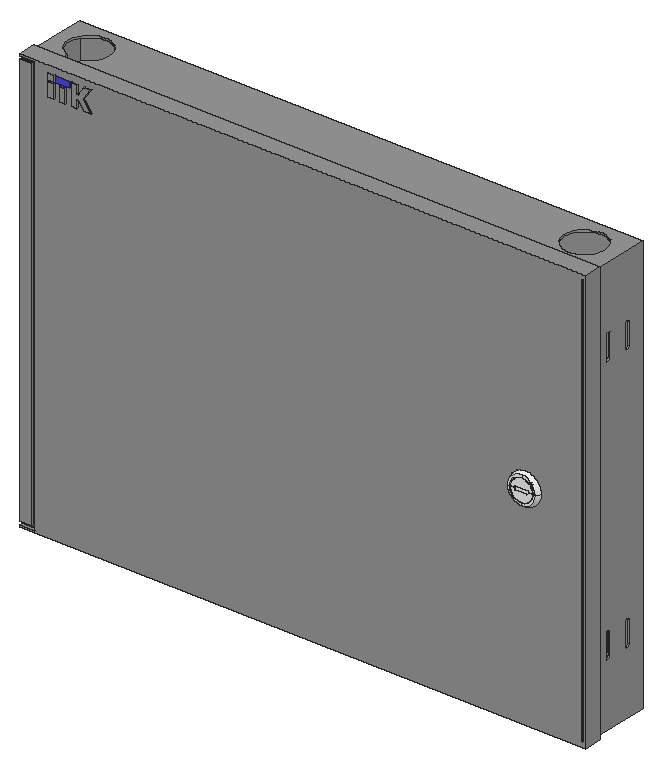
Revit family "ITK_Кросс оптический_Настенный монтаж_IP22", category Обобщенные модели, Revit 2019
Family settings
  Может служить основой для арматурных стержней = Нет
  Размер круглого соединителя = Использовать диаметр
  Тип детали = Нормальный
  На основе рабочей плоскости = Нет
  Всегда вертикально = Да
  При загрузке вырезать с полостями = Нет
  Общий = Нет
  Точка расчета площади = Нет
Parameters (values of type "Кросс настенный укомплектованный_SC _duplex_ 8шт_OS2")
  Ширина = 392 mm
  Степень защиты = "IP22"  # constant formula
  Панель для адаптеров = no
  Изготовитель = "ITK"  # constant formula
  Дата изменения = ""
  Тип монтажа = "Настенный монтаж"  # constant formula
  Глубина = 52 mm
  Высота = 294 mm
  URL = "https://www.iek.ru/"
  KSI_CPr_Строительные изделия = "26.30.40.61.1.04.09-1081 26.30.40.61.1.04.09-1082 26.30.40.61.1.04.09-1083"
  KSI_CMa_Строительные материалы = "10.03.02.06"  # constant formula
  IEK_Цена за единицу = 5915.65
  IEK_Поиск в таблице имен = ""
  IEK_Описание = "Высокое качество материалов. Увеличенный срок эксплуатации. Надежная защита волокон от внешних механических воздействий и попадания внутрь посторонних предметов. Соответствие международным стандартам и ГОСТ Р. Удобство монтажа и эксплуатации."
  IEK_URL = "https://www.itk-group.ru/produktsiya/catalog/oborudovanie_telekommunikatsionnoe/komponenty_sks_opticheskie/komponenty_sks_opticheskie/opticheskie_nastennye_krossy_ukomplektovannye/itk_opticheskiy_nastennyy_raspredelitelnyy_kross_ukomplektovannyy_sc_duplex_8sht_os2"
  ADSK_Примечание = ""
  ADSK_Позиция [instance] = ""
  ADSK_Наименование = "ITK Оптический настенный распределительный кросс укомплектованный: SC (duplex) 8шт;  (OS2)"
  ADSK_Материал обозначение = ""
  ADSK_Материал наименование = "Cталь"  # constant formula
  ADSK_Масса = 2.5
  ADSK_Марка = ""
  ADSK_Код изделия = "FOBX16-N-8SCUD09"
  ADSK_Завод-изготовитель = "IEK"  # constant formula
  ADSK_Единица измерения = "шт"  # constant formula
  ADSK_Группирование = "I. ЩИТЫ И ПУЛЬТЫ"  # constant formula
  ADSK_Версия семейства = "1.0"  # constant formula
  ADSK_Версия Revit = "2019"  # constant formula
  ADSK_URL страницы изделия = "https://www.itk-group.ru/produktsiya/catalog/oborudovanie_telekommunikatsionnoe/komponenty_sks_opticheskie/komponenty_sks_opticheskie/opticheskie_nastennye_krossy_ukomplektovannye/?set_filter=y&pagec=100"
  Корпус 52 = yes
  Корпус 94 = no
  8 адаптеров = no
  4 адаптера = no
  Корпус 45 = no
Reference planes
  plane 1 "По центру (Вперед/Назад)": y = 0
  plane 2: z = 0
  plane 3 "По центру (Влево/Вправо)": x = 0
  plane 4: z = 146.7
  plane 5: x = 153.85
  plane 6: z = 294
  plane 7: x = -196
  plane 8: x = 196
  plane 9: y = 52
Forms (mm)
  Extrusion 1, solid, material "Окраска - RAL 7035", visible <- "Корпус 94", detail levels fine
    sketch origin (0, 0, 0) x (0, 1, 0) y (0, 0, 1)
      loop
        line (1.2, 291.7) -> (1.2, 290) -> (0, 290) -> (0, 3.4) -> (1.2, 3.4) -> (1.2, 1.7) -> (93.2, 1.7) -> (93.2, 291.7) -> (1.2, 291.7)
    from -195.85 to 194.15
  Extrusion 2, void
    sketch origin (0, 0, 0) x (1, 0, 0) y (0, 1, 0)
      loop
        line (-192.556, 92) -> (-192.556, 12) -> (-183.756, 12) -> (-183.756, 0) -> (192.95, 0) -> (192.95, 92) -> (47.95, 92) -> (-192.556, 92)
    from 2.9 to 290.5
  Extrusion 3, void
    sketch origin (0, 0, 0) x (1, 0, 0) y (0, 0, 1)
      loop
        line (167.025, 263.825) -> (167.025, 251.948)
        arc (167.025, 251.948) -> (165.109, 250.197) -> (164.4, 247.7) r 4.75
        arc (164.4, 247.7) -> (169.15, 242.95) -> (173.9, 247.7) r 4.75
        arc (173.9, 247.7) -> (173.191, 250.197) -> (171.275, 251.948) r 4.75
        line (171.275, 251.948) -> (171.275, 263.825)
        arc (171.275, 263.825) -> (169.15, 265.95) -> (167.025, 263.825) r 2.125
      loop
        line (-168.725, 251.948) -> (-168.725, 263.825)
        arc (-168.725, 263.825) -> (-170.85, 265.95) -> (-172.975, 263.825) r 2.125
        line (-172.975, 263.825) -> (-172.975, 251.948)
        arc (-172.975, 251.948) -> (-174.891, 250.197) -> (-175.6, 247.7) r 4.75
        arc (-175.6, 247.7) -> (-170.85, 242.95) -> (-166.1, 247.7) r 4.75
        arc (-166.1, 247.7) -> (-166.809, 250.197) -> (-168.725, 251.948) r 4.75
      loop
        line (-172.975, 41.452) -> (-172.975, 29.575)
        arc (-172.975, 29.575) -> (-170.85, 27.45) -> (-168.725, 29.575) r 2.125
        line (-168.725, 29.575) -> (-168.725, 41.452)
        arc (-168.725, 41.452) -> (-166.809, 43.203) -> (-166.1, 45.7) r 4.75
        arc (-166.1, 45.7) -> (-170.85, 50.45) -> (-175.6, 45.7) r 4.75
        arc (-175.6, 45.7) -> (-174.891, 43.203) -> (-172.975, 41.452) r 4.75
      loop
        line (171.275, 29.575) -> (171.275, 41.452)
        arc (171.275, 41.452) -> (173.191, 43.203) -> (173.9, 45.7) r 4.75
        arc (173.9, 45.7) -> (169.15, 50.45) -> (164.4, 45.7) r 4.75
        arc (164.4, 45.7) -> (165.109, 43.203) -> (167.025, 41.452) r 4.75
        line (167.025, 41.452) -> (167.025, 29.575)
        arc (167.025, 29.575) -> (169.15, 27.45) -> (171.275, 29.575) r 2.125
    from -93.2 to -92
  Extrusion 4, void
    sketch origin (0, 0, 0) x (1, 0, 0) y (0, 0, 1)
      loop
        line (191.559, 291.364) -> (191.559, 2.664) -> (194.78, 2.664) -> (194.78, 291.364) -> (191.559, 291.364)
    from 0 to -2.824
  Extrusion 5, solid, material "Окраска - RAL 7035", visible <- "Корпус 94", detail levels fine
    sketch origin (0, 0, 0) x (1, 0, 0) y (0, 0, 1)
      loop
        line (195.85, 293.4) -> (-195.85, 293.4) -> (-195.85, 292.2) -> (-182.502, 292.2) -> (-182.502, 1.2) -> (-195.85, 1.2) -> (-195.85, 0) -> (195.85, 0) -> (195.85, 293.4)
    from 0 to -12
  Extrusion 6, void
    sketch origin (0, 0, 0) x (0, 1, 0) y (0, 0, 1)
      loop
        line (78.2, 252.7) -> (78.2, 242.2)
        arc (78.2, 242.2) -> (78.786, 240.786) -> (80.2, 240.2) r 2
        arc (80.2, 240.2) -> (81.614, 240.786) -> (82.2, 242.2) r 2
        line (82.2, 242.2) -> (82.2, 252.7)
        arc (82.2, 252.7) -> (80.2, 254.7) -> (78.2, 252.7) r 2
      loop
        line (56.7, 252.7) -> (56.7, 242.2)
        arc (56.7, 242.2) -> (57.286, 240.786) -> (58.7, 240.2) r 2
        arc (58.7, 240.2) -> (60.114, 240.786) -> (60.7, 242.2) r 2
        line (60.7, 242.2) -> (60.7, 252.7)
        arc (60.7, 252.7) -> (58.7, 254.7) -> (56.7, 252.7) r 2
      loop
        line (34.7, 252.7) -> (34.7, 242.2)
        arc (34.7, 242.2) -> (35.286, 240.786) -> (36.7, 240.2) r 2
        arc (36.7, 240.2) -> (38.114, 240.786) -> (38.7, 242.2) r 2
        line (38.7, 242.2) -> (38.7, 252.7)
        arc (38.7, 252.7) -> (36.7, 254.7) -> (34.7, 252.7) r 2
      loop
        line (13.2, 252.7) -> (13.2, 242.2)
        arc (13.2, 242.2) -> (13.786, 240.786) -> (15.2, 240.2) r 2
        arc (15.2, 240.2) -> (16.614, 240.786) -> (17.2, 242.2) r 2
        line (17.2, 242.2) -> (17.2, 252.7)
        arc (17.2, 252.7) -> (15.2, 254.7) -> (13.2, 252.7) r 2
      loop
        line (13.2, 212.2) -> (13.2, 201.7)
        arc (13.2, 201.7) -> (13.786, 200.286) -> (15.2, 199.7) r 2
        arc (15.2, 199.7) -> (16.614, 200.286) -> (17.2, 201.7) r 2
        line (17.2, 201.7) -> (17.2, 212.2)
        arc (17.2, 212.2) -> (15.2, 214.2) -> (13.2, 212.2) r 2
      loop
        line (34.7, 212.2) -> (34.7, 201.7)
        arc (34.7, 201.7) -> (35.286, 200.286) -> (36.7, 199.7) r 2
        arc (36.7, 199.7) -> (38.114, 200.286) -> (38.7, 201.7) r 2
        line (38.7, 201.7) -> (38.7, 212.2)
        arc (38.7, 212.2) -> (36.7, 214.2) -> (34.7, 212.2) r 2
      loop
        line (56.7, 212.2) -> (56.7, 201.7)
        arc (56.7, 201.7) -> (57.286, 200.286) -> (58.7, 199.7) r 2
        arc (58.7, 199.7) -> (60.114, 200.286) -> (60.7, 201.7) r 2
        line (60.7, 201.7) -> (60.7, 212.2)
        arc (60.7, 212.2) -> (58.7, 214.2) -> (56.7, 212.2) r 2
      loop
        line (78.2, 212.2) -> (78.2, 201.7)
        arc (78.2, 201.7) -> (78.786, 200.286) -> (80.2, 199.7) r 2
        arc (80.2, 199.7) -> (81.614, 200.286) -> (82.2, 201.7) r 2
        line (82.2, 201.7) -> (82.2, 212.2)
        arc (82.2, 212.2) -> (80.2, 214.2) -> (78.2, 212.2) r 2
      loop
        line (78.2, 91.7) -> (78.2, 81.2)
        arc (78.2, 81.2) -> (78.786, 79.786) -> (80.2, 79.2) r 2
        arc (80.2, 79.2) -> (81.614, 79.786) -> (82.2, 81.2) r 2
        line (82.2, 81.2) -> (82.2, 91.7)
        arc (82.2, 91.7) -> (80.2, 93.7) -> (78.2, 91.7) r 2
      loop
        line (56.7, 91.7) -> (56.7, 81.2)
        arc (56.7, 81.2) -> (57.286, 79.786) -> (58.7, 79.2) r 2
        arc (58.7, 79.2) -> (60.114, 79.786) -> (60.7, 81.2) r 2
        line (60.7, 81.2) -> (60.7, 91.7)
        arc (60.7, 91.7) -> (58.7, 93.7) -> (56.7, 91.7) r 2
      loop
        line (34.7, 91.7) -> (34.7, 81.2)
        arc (34.7, 81.2) -> (35.286, 79.786) -> (36.7, 79.2) r 2
        arc (36.7, 79.2) -> (38.114, 79.786) -> (38.7, 81.2) r 2
        line (38.7, 81.2) -> (38.7, 91.7)
        arc (38.7, 91.7) -> (36.7, 93.7) -> (34.7, 91.7) r 2
      loop
        line (13.2, 91.7) -> (13.2, 81.2)
        arc (13.2, 81.2) -> (13.786, 79.786) -> (15.2, 79.2) r 2
        arc (15.2, 79.2) -> (16.614, 79.786) -> (17.2, 81.2) r 2
        line (17.2, 81.2) -> (17.2, 91.7)
        arc (17.2, 91.7) -> (15.2, 93.7) -> (13.2, 91.7) r 2
      loop
        line (13.2, 51.2) -> (13.2, 40.7)
        arc (13.2, 40.7) -> (13.786, 39.286) -> (15.2, 38.7) r 2
        arc (15.2, 38.7) -> (16.614, 39.286) -> (17.2, 40.7) r 2
        line (17.2, 40.7) -> (17.2, 51.2)
        arc (17.2, 51.2) -> (15.2, 53.2) -> (13.2, 51.2) r 2
      loop
        line (34.7, 51.2) -> (34.7, 40.7)
        arc (34.7, 40.7) -> (35.286, 39.286) -> (36.7, 38.7) r 2
        arc (36.7, 38.7) -> (38.114, 39.286) -> (38.7, 40.7) r 2
        line (38.7, 40.7) -> (38.7, 51.2)
        arc (38.7, 51.2) -> (36.7, 53.2) -> (34.7, 51.2) r 2
      loop
        line (56.7, 51.2) -> (56.7, 40.7)
        arc (56.7, 40.7) -> (57.286, 39.286) -> (58.7, 38.7) r 2
        arc (58.7, 38.7) -> (60.114, 39.286) -> (60.7, 40.7) r 2
        line (60.7, 40.7) -> (60.7, 51.2)
        arc (60.7, 51.2) -> (58.7, 53.2) -> (56.7, 51.2) r 2
      loop
        line (78.2, 51.2) -> (78.2, 40.7)
        arc (78.2, 40.7) -> (78.786, 39.286) -> (80.2, 38.7) r 2
        arc (80.2, 38.7) -> (81.614, 39.286) -> (82.2, 40.7) r 2
        line (82.2, 40.7) -> (82.2, 51.2)
        arc (82.2, 51.2) -> (80.2, 53.2) -> (78.2, 51.2) r 2
      loop
        circle (78.669, 163.896) r 2.063
      loop
        circle (64.137, 163.896) r 2.063
      loop
        circle (31.1, 163.896) r 2.063
      loop
        circle (16.645, 163.896) r 2.063
      loop
        circle (78.669, 129.504) r 2.063
      loop
        circle (64.137, 129.504) r 2.063
      loop
        circle (31.1, 129.504) r 2.063
      loop
        circle (16.645, 129.504) r 2.063
    from -195.85 to -192.556
  Extrusion 7, void
    sketch origin (0, 0, 0) x (0, 1, 0) y (0, 0, 1)
      loop
        arc (78.4, 231.7) -> (80.4, 229.7) -> (82.4, 231.7) r 2
        line (82.4, 231.7) -> (82.4, 246.7)
        arc (82.4, 246.7) -> (80.4, 248.7) -> (78.4, 246.7) r 2
        line (78.4, 246.7) -> (78.4, 231.7)
      loop
        arc (69.4, 246.7) -> (67.4, 248.7) -> (65.4, 246.7) r 2
        line (65.4, 246.7) -> (65.4, 231.7)
        arc (65.4, 231.7) -> (67.4, 229.7) -> (69.4, 231.7) r 2
        line (69.4, 231.7) -> (69.4, 246.7)
      loop
        arc (46.6, 246.7) -> (44.6, 248.7) -> (42.6, 246.7) r 2
        line (42.6, 246.7) -> (42.6, 231.7)
        arc (42.6, 231.7) -> (44.6, 229.7) -> (46.6, 231.7) r 2
        line (46.6, 231.7) -> (46.6, 246.7)
      loop
        arc (33.6, 246.7) -> (31.6, 248.7) -> (29.6, 246.7) r 2
        line (29.6, 246.7) -> (29.6, 231.7)
        arc (29.6, 231.7) -> (31.6, 229.7) -> (33.6, 231.7) r 2
        line (33.6, 231.7) -> (33.6, 246.7)
      loop
        arc (29.6, 196.7) -> (31.6, 194.7) -> (33.6, 196.7) r 2
        line (33.6, 196.7) -> (33.6, 211.7)
        arc (33.6, 211.7) -> (31.6, 213.7) -> (29.6, 211.7) r 2
        line (29.6, 211.7) -> (29.6, 196.7)
      loop
        arc (46.6, 211.7) -> (44.6, 213.7) -> (42.6, 211.7) r 2
        line (42.6, 211.7) -> (42.6, 196.7)
        arc (42.6, 196.7) -> (44.6, 194.7) -> (46.6, 196.7) r 2
        line (46.6, 196.7) -> (46.6, 211.7)
      loop
        arc (69.4, 211.7) -> (67.4, 213.7) -> (65.4, 211.7) r 2
        line (65.4, 211.7) -> (65.4, 196.7)
        arc (65.4, 196.7) -> (67.4, 194.7) -> (69.4, 196.7) r 2
        line (69.4, 196.7) -> (69.4, 211.7)
      loop
        arc (78.4, 196.7) -> (80.4, 194.7) -> (82.4, 196.7) r 2
        line (82.4, 196.7) -> (82.4, 211.7)
        arc (82.4, 211.7) -> (80.4, 213.7) -> (78.4, 211.7) r 2
        line (78.4, 211.7) -> (78.4, 196.7)
      loop
        line (78.4, 61.7) -> (78.4, 46.7)
        arc (78.4, 46.7) -> (80.4, 44.7) -> (82.4, 46.7) r 2
        line (82.4, 46.7) -> (82.4, 61.7)
        arc (82.4, 61.7) -> (80.4, 63.7) -> (78.4, 61.7) r 2
      loop
        line (69.4, 46.7) -> (69.4, 61.7)
        arc (69.4, 61.7) -> (67.4, 63.7) -> (65.4, 61.7) r 2
        line (65.4, 61.7) -> (65.4, 46.7)
        arc (65.4, 46.7) -> (67.4, 44.7) -> (69.4, 46.7) r 2
      loop
        line (46.6, 46.7) -> (46.6, 61.7)
        arc (46.6, 61.7) -> (44.6, 63.7) -> (42.6, 61.7) r 2
        line (42.6, 61.7) -> (42.6, 46.7)
        arc (42.6, 46.7) -> (44.6, 44.7) -> (46.6, 46.7) r 2
      loop
        line (33.6, 46.7) -> (33.6, 61.7)
        arc (33.6, 61.7) -> (31.6, 63.7) -> (29.6, 61.7) r 2
        line (29.6, 61.7) -> (29.6, 46.7)
        arc (29.6, 46.7) -> (31.6, 44.7) -> (33.6, 46.7) r 2
      loop
        line (29.6, 96.7) -> (29.6, 81.7)
        arc (29.6, 81.7) -> (31.6, 79.7) -> (33.6, 81.7) r 2
        line (33.6, 81.7) -> (33.6, 96.7)
        arc (33.6, 96.7) -> (31.6, 98.7) -> (29.6, 96.7) r 2
      loop
        line (46.6, 81.7) -> (46.6, 96.7)
        arc (46.6, 96.7) -> (44.6, 98.7) -> (42.6, 96.7) r 2
        line (42.6, 96.7) -> (42.6, 81.7)
        arc (42.6, 81.7) -> (44.6, 79.7) -> (46.6, 81.7) r 2
      loop
        line (69.4, 81.7) -> (69.4, 96.7)
        arc (69.4, 96.7) -> (67.4, 98.7) -> (65.4, 96.7) r 2
        line (65.4, 96.7) -> (65.4, 81.7)
        arc (65.4, 81.7) -> (67.4, 79.7) -> (69.4, 81.7) r 2
      loop
        line (78.4, 96.7) -> (78.4, 81.7)
        arc (78.4, 81.7) -> (80.4, 79.7) -> (82.4, 81.7) r 2
        line (82.4, 81.7) -> (82.4, 96.7)
        arc (82.4, 96.7) -> (80.4, 98.7) -> (78.4, 96.7) r 2
    from 192.95 to 194.15
  Extrusion 8, void
    sketch origin (0, 0, 0) x (1, 0, 0) y (0, 1, 0)
      loop
        line (-177.1, 19.53) -> (-177.1, 12) -> (-167.6, 12) -> (-167.6, 19.53)
        arc (-167.6, 19.53) -> (-172.35, 46.725) -> (-177.1, 19.53) r 14.012
      loop
        circle (-172.35, 72.713) r 14.012
      loop
        circle (170.509, 32.713) r 14.012
      loop
        circle (170.509, 72.713) r 14.012
    from 0 to 293.4
  Revolve 9, solid, material "Металл замка", visible <- "Корпус 94", detail levels fine
    sketch origin (0, 0, 146.7) x (1, 0, 0) y (0, 1, 0)
      loop
        line (144.249, -3) -> (153.85, -3) -> (153.85, 0) -> (142.85, 0) -> (144.249, -3)
      axis (153.85, -3) -> (153.85, 0)
    angle from 0 to 360
  Extrusion 10, void
    sketch origin (0, 0, 0) x (1, 0, 0) y (0, 0, 1)
      loop
        line (149.1, 147.95) -> (149.1, 145.45) -> (158.6, 145.45) -> (158.6, 147.95) -> (149.1, 147.95)
      loop
        circle (153.85, 146.7) r 7.61
      loop
        circle (153.85, 146.7) r 8.122
    from 2.8 to 3.773
  Extrusion 11, solid, material "Условный материал-отделка", detail levels coarse+medium
    sketch origin (0, 0, 0) x (1, 0, 0) y (0, 1, 0)
      loop
        line (-196, 52) -> (-196, 0) -> (196, 0) -> (196, 52) -> (-196, 52)
    from 0 to 294 <- "Высота"
  Extrusion 12, solid, material "Окраска - RAL 9005", visible <- "Корпус 94", detail levels fine
    sketch origin (-164.257, 0, 273.272) x (1, 0, 0) y (0, 0, 1)
      loop
        line (-12.079, 9.404) -> (-12.079, 0) -> (-7.968, 0) -> (-7.968, 9.404) -> (-12.079, 9.404)
      loop
        line (0.039, 9.404) -> (-3.833, 9.404) -> (-3.833, 0) -> (0.039, 0) -> (0.039, 9.404)
      loop
        line (-12.079, 10.715) -> (-7.968, 10.715) -> (-7.968, 14.705) -> (-12.079, 14.705) -> (-12.079, 10.715)
      loop
        line (4.261, 14.705) -> (4.261, 0) -> (8.136, 0) -> (8.136, 5.514) -> (9.618, 5.514) -> (13.199, 0) -> (17.921, 0) -> (12.571, 7.364) -> (17.921, 14.705) -> (13.199, 14.705) -> (9.618, 9.191) -> (8.136, 9.191) -> (8.136, 14.705) -> (4.261, 14.705)
    from 0 to 0.554
  Extrusion 13, solid, material "Зеленый", visible <- "Корпус 94", detail levels fine
    sketch origin (-164.257, 0, 273.272) x (1, 0, 0) y (0, 0, 1)
      loop
        line (-6.771, 14.705) -> (-6.771, 10.715) -> (2.977, 10.715) -> (2.977, 14.705) -> (-6.771, 14.705)
    from 0 to 0.554
  Extrusion 14, solid, material "Окраска - RAL 7035", visible <- "Панель для адаптеров", detail levels fine
    sketch origin (-379.092, -20.767, 187.983) x (1, 0, 0) y (0, 1, 0)
      loop
        line (439.588, 60.004) -> (318.588, 60.004) -> (316.588, 58.004) -> (316.588, 30.004) -> (318.588, 28.004) -> (439.588, 28.004) -> (441.588, 30.004) -> (441.588, 58.004) -> (439.588, 60.004)
      loop
        circle (320.838, 44.004) r 3.75
      loop
        circle (437.338, 44.004) r 3.75
      loop
        line (329.388, 50.504) -> (329.388, 37.504) -> (339.188, 37.504) -> (339.188, 50.504) -> (329.388, 50.504)
      loop
        line (342.188, 50.504) -> (342.188, 37.504) -> (351.988, 37.504) -> (351.988, 50.504) -> (342.188, 50.504)
      loop
        line (354.988, 50.504) -> (354.988, 37.504) -> (364.788, 37.504) -> (364.788, 50.504) -> (354.988, 50.504)
      loop
        line (367.788, 50.504) -> (367.788, 37.504) -> (377.588, 37.504) -> (377.588, 50.504) -> (367.788, 50.504)
      loop
        line (380.588, 50.504) -> (380.588, 37.504) -> (390.388, 37.504) -> (390.388, 50.504) -> (380.588, 50.504)
      loop
        line (393.388, 50.504) -> (393.388, 37.504) -> (403.188, 37.504) -> (403.188, 50.504) -> (393.388, 50.504)
      loop
        line (406.188, 50.504) -> (406.188, 37.504) -> (415.988, 37.504) -> (415.988, 50.504) -> (406.188, 50.504)
      loop
        line (428.788, 50.504) -> (418.988, 50.504) -> (418.988, 37.504) -> (428.788, 37.504) -> (428.788, 50.504)
    from -3 to -1.5
  Extrusion 15, solid, material "Пластик бежевый", visible <- "4 адаптера", detail levels fine
    sketch origin (-49.804, -3.875, 172.998) x (0, 0, -1) y (0, 1, 0)
      loop
        line (-13.485, 38.895) -> (-15.485, 38.895) -> (-15.485, 34.395) -> (-23.485, 34.395) -> (-23.485, 21.395) -> (-15.485, 21.395) -> (-15.485, 16.895) -> (-13.485, 16.895) -> (-13.485, 38.895)
    from 0 to 10
  Extrusion 16, void
    sketch origin (132.849, 1.914, 187.983) x (1, 0, 0) y (0, 1, 0)
      loop
        line (-182.304, 28.172) -> (-182.304, 15.99) -> (-173.023, 15.99) -> (-173.023, 28.172) -> (-182.304, 28.172)
    from 1.092 to 8.5
  Revolve 17, solid, material "Пластик белый", visible <- "4 адаптера", detail levels fine
    sketch origin (-44.97, 1.914, 187.983) x (0, 0, -1) y (0, 1, 0)
      loop
        line (-10.817, 27.194) -> (-9.789, 27.194) -> (-9.789, 26.304) -> (2.983, 26.304) -> (2.983, 27.194) -> (-9.192, 27.194) -> (-9.192, 28.194) -> (-10.817, 28.194) -> (-10.817, 27.194)
      axis (2.983, 25.321) -> (-10.817, 25.321)
    angle from 0 to 360
  Revolve 18, solid, material "Пластик белый", visible <- "4 адаптера", detail levels fine
    sketch origin (-44.97, 46.126, 187.983) x (0, 0, -1) y (0, 1, 0)
      loop
        line (-10.817, -27.194) -> (-10.817, -28.194) -> (-9.192, -28.194) -> (-9.192, -27.194) -> (2.983, -27.194) -> (2.983, -26.304) -> (-9.789, -26.304) -> (-9.789, -27.194) -> (-10.817, -27.194)
      axis (2.983, -25.321) -> (-10.817, -25.321)
    angle from 0 to 360
  Extrusion 19, solid, material "Пластик бежевый", visible <- "4 адаптера", detail levels fine
    sketch origin (-37.004, -3.875, 172.998) x (0, 0, -1) y (0, 1, 0)
      loop
        line (-13.485, 38.895) -> (-15.485, 38.895) -> (-15.485, 34.395) -> (-23.485, 34.395) -> (-23.485, 21.395) -> (-15.485, 21.395) -> (-15.485, 16.895) -> (-13.485, 16.895) -> (-13.485, 38.895)
    from 0 to 10
  Extrusion 20, void
    sketch origin (145.649, 1.914, 187.983) x (1, 0, 0) y (0, 1, 0)
      loop
        line (-182.304, 28.172) -> (-182.304, 15.99) -> (-173.023, 15.99) -> (-173.023, 28.172) -> (-182.304, 28.172)
    from 1.092 to 8.5
  Revolve 21, solid, material "Пластик белый", visible <- "4 адаптера", detail levels fine
    sketch origin (-32.17, 1.914, 187.983) x (0, 0, -1) y (0, 1, 0)
      loop
        line (-10.817, 27.194) -> (-9.789, 27.194) -> (-9.789, 26.304) -> (2.983, 26.304) -> (2.983, 27.194) -> (-9.192, 27.194) -> (-9.192, 28.194) -> (-10.817, 28.194) -> (-10.817, 27.194)
      axis (2.983, 25.321) -> (-10.817, 25.321)
    angle from 0 to 360
  Revolve 22, solid, material "Пластик белый", visible <- "4 адаптера", detail levels fine
    sketch origin (-32.17, 46.126, 187.983) x (0, 0, -1) y (0, 1, 0)
      loop
        line (-10.817, -27.194) -> (-10.817, -28.194) -> (-9.192, -28.194) -> (-9.192, -27.194) -> (2.983, -27.194) -> (2.983, -26.304) -> (-9.789, -26.304) -> (-9.789, -27.194) -> (-10.817, -27.194)
      axis (2.983, -25.321) -> (-10.817, -25.321)
    angle from 0 to 360
  Extrusion 23, solid, material "Пластик бежевый", visible <- "4 адаптера", detail levels fine
    sketch origin (-24.204, -3.875, 172.998) x (0, 0, -1) y (0, 1, 0)
      loop
        line (-13.485, 38.895) -> (-15.485, 38.895) -> (-15.485, 34.395) -> (-23.485, 34.395) -> (-23.485, 21.395) -> (-15.485, 21.395) -> (-15.485, 16.895) -> (-13.485, 16.895) -> (-13.485, 38.895)
    from 0 to 10
  Extrusion 24, void
    sketch origin (158.449, 1.914, 187.983) x (1, 0, 0) y (0, 1, 0)
      loop
        line (-182.304, 28.172) -> (-182.304, 15.99) -> (-173.023, 15.99) -> (-173.023, 28.172) -> (-182.304, 28.172)
    from 1.092 to 8.5
  Revolve 25, solid, material "Пластик белый", visible <- "4 адаптера", detail levels fine
    sketch origin (-19.37, 1.914, 187.983) x (0, 0, -1) y (0, 1, 0)
      loop
        line (-10.817, 27.194) -> (-9.789, 27.194) -> (-9.789, 26.304) -> (2.983, 26.304) -> (2.983, 27.194) -> (-9.192, 27.194) -> (-9.192, 28.194) -> (-10.817, 28.194) -> (-10.817, 27.194)
      axis (2.983, 25.321) -> (-10.817, 25.321)
    angle from 0 to 360
  Revolve 26, solid, material "Пластик белый", visible <- "4 адаптера", detail levels fine
    sketch origin (-19.37, 46.126, 187.983) x (0, 0, -1) y (0, 1, 0)
      loop
        line (-10.817, -27.194) -> (-10.817, -28.194) -> (-9.192, -28.194) -> (-9.192, -27.194) -> (2.983, -27.194) -> (2.983, -26.304) -> (-9.789, -26.304) -> (-9.789, -27.194) -> (-10.817, -27.194)
      axis (2.983, -25.321) -> (-10.817, -25.321)
    angle from 0 to 360
  Extrusion 27, solid, material "Пластик бежевый", visible <- "4 адаптера", detail levels fine
    sketch origin (-11.404, -3.875, 172.998) x (0, 0, -1) y (0, 1, 0)
      loop
        line (-13.485, 38.895) -> (-15.485, 38.895) -> (-15.485, 34.395) -> (-23.485, 34.395) -> (-23.485, 21.395) -> (-15.485, 21.395) -> (-15.485, 16.895) -> (-13.485, 16.895) -> (-13.485, 38.895)
    from 0 to 10
  Extrusion 28, void
    sketch origin (171.249, 1.914, 187.983) x (1, 0, 0) y (0, 1, 0)
      loop
        line (-182.304, 28.172) -> (-182.304, 15.99) -> (-173.023, 15.99) -> (-173.023, 28.172) -> (-182.304, 28.172)
    from 1.092 to 8.5
  Revolve 29, solid, material "Пластик белый", visible <- "4 адаптера", detail levels fine
    sketch origin (-6.57, 1.914, 187.983) x (0, 0, -1) y (0, 1, 0)
      loop
        line (-10.817, 27.194) -> (-9.789, 27.194) -> (-9.789, 26.304) -> (2.983, 26.304) -> (2.983, 27.194) -> (-9.192, 27.194) -> (-9.192, 28.194) -> (-10.817, 28.194) -> (-10.817, 27.194)
      axis (2.983, 25.321) -> (-10.817, 25.321)
    angle from 0 to 360
  Revolve 30, solid, material "Пластик белый", visible <- "4 адаптера", detail levels fine
    sketch origin (-6.57, 46.126, 187.983) x (0, 0, -1) y (0, 1, 0)
      loop
        line (-10.817, -27.194) -> (-10.817, -28.194) -> (-9.192, -28.194) -> (-9.192, -27.194) -> (2.983, -27.194) -> (2.983, -26.304) -> (-9.789, -26.304) -> (-9.789, -27.194) -> (-10.817, -27.194)
      axis (2.983, -25.321) -> (-10.817, -25.321)
    angle from 0 to 360
  Extrusion 31, solid, material "Пластик бежевый", visible <- "8 адаптеров", detail levels fine
    sketch origin (1.396, -3.875, 172.998) x (0, 0, -1) y (0, 1, 0)
      loop
        line (-13.485, 38.895) -> (-15.485, 38.895) -> (-15.485, 34.395) -> (-23.485, 34.395) -> (-23.485, 21.395) -> (-15.485, 21.395) -> (-15.485, 16.895) -> (-13.485, 16.895) -> (-13.485, 38.895)
    from 0 to 10
  Extrusion 32, void
    sketch origin (184.049, 1.914, 187.983) x (1, 0, 0) y (0, 1, 0)
      loop
        line (-182.304, 28.172) -> (-182.304, 15.99) -> (-173.023, 15.99) -> (-173.023, 28.172) -> (-182.304, 28.172)
    from 1.092 to 8.5
  Revolve 33, solid, material "Пластик белый", visible <- "8 адаптеров", detail levels fine
    sketch origin (6.23, 1.914, 187.983) x (0, 0, -1) y (0, 1, 0)
      loop
        line (-10.817, 27.194) -> (-9.789, 27.194) -> (-9.789, 26.304) -> (2.983, 26.304) -> (2.983, 27.194) -> (-9.192, 27.194) -> (-9.192, 28.194) -> (-10.817, 28.194) -> (-10.817, 27.194)
      axis (2.983, 25.321) -> (-10.817, 25.321)
    angle from 0 to 360
  Revolve 34, solid, material "Пластик белый", visible <- "8 адаптеров", detail levels fine
    sketch origin (6.23, 46.126, 187.983) x (0, 0, -1) y (0, 1, 0)
      loop
        line (-10.817, -27.194) -> (-10.817, -28.194) -> (-9.192, -28.194) -> (-9.192, -27.194) -> (2.983, -27.194) -> (2.983, -26.304) -> (-9.789, -26.304) -> (-9.789, -27.194) -> (-10.817, -27.194)
      axis (2.983, -25.321) -> (-10.817, -25.321)
    angle from 0 to 360
  Extrusion 35, solid, material "Пластик бежевый", visible <- "8 адаптеров", detail levels fine
    sketch origin (14.196, -3.875, 172.998) x (0, 0, -1) y (0, 1, 0)
      loop
        line (-13.485, 38.895) -> (-15.485, 38.895) -> (-15.485, 34.395) -> (-23.485, 34.395) -> (-23.485, 21.395) -> (-15.485, 21.395) -> (-15.485, 16.895) -> (-13.485, 16.895) -> (-13.485, 38.895)
    from 0 to 10
  Extrusion 36, void
    sketch origin (196.849, 1.914, 187.983) x (1, 0, 0) y (0, 1, 0)
      loop
        line (-182.304, 28.172) -> (-182.304, 15.99) -> (-173.023, 15.99) -> (-173.023, 28.172) -> (-182.304, 28.172)
    from 1.092 to 8.5
  Revolve 37, solid, material "Пластик белый", visible <- "8 адаптеров", detail levels fine
    sketch origin (19.03, 1.914, 187.983) x (0, 0, -1) y (0, 1, 0)
      loop
        line (-10.817, 27.194) -> (-9.789, 27.194) -> (-9.789, 26.304) -> (2.983, 26.304) -> (2.983, 27.194) -> (-9.192, 27.194) -> (-9.192, 28.194) -> (-10.817, 28.194) -> (-10.817, 27.194)
      axis (2.983, 25.321) -> (-10.817, 25.321)
    angle from 0 to 360
  Revolve 38, solid, material "Пластик белый", visible <- "8 адаптеров", detail levels fine
    sketch origin (19.03, 46.126, 187.983) x (0, 0, -1) y (0, 1, 0)
      loop
        line (-10.817, -27.194) -> (-10.817, -28.194) -> (-9.192, -28.194) -> (-9.192, -27.194) -> (2.983, -27.194) -> (2.983, -26.304) -> (-9.789, -26.304) -> (-9.789, -27.194) -> (-10.817, -27.194)
      axis (2.983, -25.321) -> (-10.817, -25.321)
    angle from 0 to 360
  Extrusion 39, solid, material "Пластик бежевый", visible <- "8 адаптеров", detail levels fine
    sketch origin (39.796, -3.875, 172.998) x (0, 0, -1) y (0, 1, 0)
      loop
        line (-13.485, 38.895) -> (-15.485, 38.895) -> (-15.485, 34.395) -> (-23.485, 34.395) -> (-23.485, 21.395) -> (-15.485, 21.395) -> (-15.485, 16.895) -> (-13.485, 16.895) -> (-13.485, 38.895)
    from 0 to 10
  Extrusion 40, void
    sketch origin (222.449, 1.914, 187.983) x (1, 0, 0) y (0, 1, 0)
      loop
        line (-182.304, 28.172) -> (-182.304, 15.99) -> (-173.023, 15.99) -> (-173.023, 28.172) -> (-182.304, 28.172)
    from 1.092 to 8.5
  Revolve 41, solid, material "Пластик белый", visible <- "8 адаптеров", detail levels fine
    sketch origin (44.63, 1.914, 187.983) x (0, 0, -1) y (0, 1, 0)
      loop
        line (-10.817, 27.194) -> (-9.789, 27.194) -> (-9.789, 26.304) -> (2.983, 26.304) -> (2.983, 27.194) -> (-9.192, 27.194) -> (-9.192, 28.194) -> (-10.817, 28.194) -> (-10.817, 27.194)
      axis (2.983, 25.321) -> (-10.817, 25.321)
    angle from 0 to 360
  Revolve 42, solid, material "Пластик белый", visible <- "8 адаптеров", detail levels fine
    sketch origin (44.63, 46.126, 187.983) x (0, 0, -1) y (0, 1, 0)
      loop
        line (-10.817, -27.194) -> (-10.817, -28.194) -> (-9.192, -28.194) -> (-9.192, -27.194) -> (2.983, -27.194) -> (2.983, -26.304) -> (-9.789, -26.304) -> (-9.789, -27.194) -> (-10.817, -27.194)
      axis (2.983, -25.321) -> (-10.817, -25.321)
    angle from 0 to 360
  Extrusion 43, solid, material "Пластик бежевый", visible <- "8 адаптеров", detail levels fine
    sketch origin (27.079, -3.875, 172.998) x (0, 0, -1) y (0, 1, 0)
      loop
        line (-13.485, 38.895) -> (-15.485, 38.895) -> (-15.485, 34.395) -> (-23.485, 34.395) -> (-23.485, 21.395) -> (-15.485, 21.395) -> (-15.485, 16.895) -> (-13.485, 16.895) -> (-13.485, 38.895)
    from 0 to 10
  Extrusion 44, void
    sketch origin (209.732, 1.914, 187.983) x (1, 0, 0) y (0, 1, 0)
      loop
        line (-182.304, 28.172) -> (-182.304, 15.99) -> (-173.023, 15.99) -> (-173.023, 28.172) -> (-182.304, 28.172)
    from 1.092 to 8.5
  Revolve 45, solid, material "Пластик белый", visible <- "8 адаптеров", detail levels fine
    sketch origin (31.914, 1.914, 187.983) x (0, 0, -1) y (0, 1, 0)
      loop
        line (-10.817, 27.194) -> (-9.789, 27.194) -> (-9.789, 26.304) -> (2.983, 26.304) -> (2.983, 27.194) -> (-9.192, 27.194) -> (-9.192, 28.194) -> (-10.817, 28.194) -> (-10.817, 27.194)
      axis (2.983, 25.321) -> (-10.817, 25.321)
    angle from 0 to 360
  Revolve 46, solid, material "Пластик белый", visible <- "8 адаптеров", detail levels fine
    sketch origin (31.914, 46.126, 187.983) x (0, 0, -1) y (0, 1, 0)
      loop
        line (-10.817, -27.194) -> (-10.817, -28.194) -> (-9.192, -28.194) -> (-9.192, -27.194) -> (2.983, -27.194) -> (2.983, -26.304) -> (-9.789, -26.304) -> (-9.789, -27.194) -> (-10.817, -27.194)
      axis (2.983, -25.321) -> (-10.817, -25.321)
    angle from 0 to 360
Cuts and joins
  Extrusion 2, Extrusion 3, Extrusion 4, Extrusion 6, Extrusion 7, Extrusion 8 cuts Extrusion 1
  Extrusion 8, Extrusion 10 cuts Extrusion 5
  Extrusion 10 cuts Revolve 9
  Extrusion 16 cuts Extrusion 11
  Extrusion 16 cuts Extrusion 15
  Extrusion 20 cuts Extrusion 19
  Extrusion 24 cuts Extrusion 23
  Extrusion 28 cuts Extrusion 27
  Extrusion 32 cuts Extrusion 31
  Extrusion 36 cuts Extrusion 35
  Extrusion 40 cuts Extrusion 39
  Extrusion 44 cuts Extrusion 43
Dimensions and locks
  "Высота": plane 6 to level
  equal spacing: plane 7, plane 3 "По центру (Влево/Вправо)", plane 8
  "Ширина": plane 7 to plane 8
  "Глубина": plane 1 "По центру (Вперед/Назад)" to plane 9
  aligned and locked: level to plane 2
  aligned and locked: cut or joined group of Extrusion 1, Extrusion 2, Extrusion 3, Extrusion 4, Extrusion 6, Extrusion 7, Extrusion 8 to Extrusion 6
  aligned and locked: Extrusion 6 to cut or joined group of Extrusion 1, Extrusion 2, Extrusion 3, Extrusion 4, Extrusion 6, Extrusion 7, Extrusion 8
  aligned and locked: Extrusion 7 to cut or joined group of Extrusion 1, Extrusion 2, Extrusion 3, Extrusion 4, Extrusion 6, Extrusion 7, Extrusion 8
  aligned and locked: cut or joined group of Extrusion 1, Extrusion 2, Extrusion 3, Extrusion 4, Extrusion 6, Extrusion 7, Extrusion 8 to Extrusion 7
  aligned and locked: Extrusion 11 sketch curve to plane 1 "По центру (Вперед/Назад)"
  aligned and locked: Revolve 18 to Revolve 17
  aligned and locked: Revolve 22 to Revolve 21
  aligned and locked: Revolve 26 to Revolve 25
  aligned and locked: Revolve 30 to Revolve 29
  aligned and locked: Revolve 34 to Revolve 33
  aligned and locked: Revolve 38 to Revolve 37
  aligned and locked: Revolve 42 to Revolve 41
  aligned and locked: Revolve 46 to Revolve 45
  aligned and locked: Extrusion 11 to plane 7
  aligned and locked: plane 8 to Extrusion 11
  aligned and locked: plane 9 to Extrusion 11
Automatic sketch dimensions
  Extrusion 1 sketch curve to plane 1 "По центру (Вперед/Назад)" = 0 mm
  Extrusion 1 sketch curve to plane 1 "По центру (Вперед/Назад)" = 1.2 mm  (x2)
  level to Extrusion 1 sketch curve = 1.7 mm
  Extrusion 1 sketch curve to Extrusion 1 sketch curve = 1.7 mm
  Extrusion 1 sketch curve to plane 6 = 4 mm
  Extrusion 1 sketch curve to plane 6 = 2.3 mm
  plane 1 "По центру (Вперед/Назад)" to Extrusion 2 sketch curve = 0 mm
  Extrusion 2 sketch curve to Extrusion 2 sketch curve = 8.8 mm
  plane 3 "По центру (Влево/Вправо)" to Extrusion 2 sketch curve = 47.95 mm
  Extrusion 2 sketch curve to plane 1 "По центру (Вперед/Назад)" = 12 mm
  Extrusion 3 sketch curve to Extrusion 3 sketch curve = 0 mm  (x14)
  Extrusion 3 sketch curve to Extrusion 3 sketch curve = 2.125 mm  (x8)
  Extrusion 3 sketch curve to plane 5 = 13.175 mm  (x2)
  level to Extrusion 3 sketch curve = 29.575 mm  (x2)
  Extrusion 3 sketch curve to Extrusion 3 sketch curve = 11.877 mm  (x4)
  Extrusion 3 sketch curve to Extrusion 3 sketch curve = 4.248 mm  (x4)
  Extrusion 3 sketch curve to plane 6 = 46.3 mm  (x2)
  level to Extrusion 4 sketch curve = 2.664 mm
  Extrusion 4 sketch curve to plane 6 = 2.636 mm
  Extrusion 5 sketch curve to level = 0 mm
  level to Extrusion 5 sketch curve = 1.2 mm
  Extrusion 5 sketch curve to Extrusion 5 sketch curve = 13.348 mm  (x2)
  Extrusion 5 sketch curve to plane 6 = 1.8 mm
  Extrusion 5 sketch curve to plane 6 = 0.6 mm
  Extrusion 6 sketch curve to Extrusion 6 sketch curve = 0 mm  (x32)
  Extrusion 6 sketch curve to plane 1 "По центру (Вперед/Назад)" = 13.2 mm  (x4)
  Extrusion 6 sketch curve to Extrusion 6 sketch curve = 2 mm  (x16)
  Extrusion 6 sketch curve to plane 1 "По центру (Вперед/Назад)" = 16.645 mm  (x2)
  Extrusion 6 sketch curve to Extrusion 6 sketch curve = 14.455 mm  (x2)
  Extrusion 6 sketch curve to Extrusion 6 sketch curve = 17.5 mm  (x8)
  Extrusion 6 sketch curve to Extrusion 6 sketch curve = 18 mm  (x4)
  Extrusion 6 sketch curve to Extrusion 6 sketch curve = 14.532 mm  (x2)
  level to Extrusion 6 sketch curve = 40.7 mm  (x2)
  Extrusion 6 sketch curve to Extrusion 6 sketch curve = 10.5 mm  (x16)
  Extrusion 6 sketch curve to Extrusion 6 sketch curve = 30 mm  (x4)
  Extrusion 6 sketch curve to plane 4 = 17.196 mm  (x2)
  plane 4 to Extrusion 6 sketch curve = 17.196 mm  (x2)
  Extrusion 6 sketch curve to Extrusion 6 sketch curve = 37.804 mm  (x2)
  Extrusion 7 sketch curve to plane 1 "По центру (Вперед/Назад)" = 29.6 mm  (x3)
  Extrusion 7 sketch curve to Extrusion 7 sketch curve = 0 mm  (x18)
  Extrusion 7 sketch curve to Extrusion 7 sketch curve = 2 mm  (x16)
  Extrusion 7 sketch curve to Extrusion 7 sketch curve = 9 mm  (x8)
  Extrusion 7 sketch curve to Extrusion 7 sketch curve = 18.8 mm  (x4)
  level to Extrusion 7 sketch curve = 46.7 mm  (x2)
  Extrusion 7 sketch curve to Extrusion 7 sketch curve = 15 mm  (x8)
  Extrusion 7 sketch curve to Extrusion 7 sketch curve = 20 mm  (x4)
  plane 4 to Extrusion 7 sketch curve = 50 mm
  Extrusion 8 sketch curve to Extrusion 8 sketch curve = 4.75 mm
  Extrusion 8 sketch curve to Extrusion 8 sketch curve = 9.5 mm
  Extrusion 8 sketch curve to plane 5 = 16.659 mm  (x2)
  Extrusion 8 sketch curve to plane 1 "По центру (Вперед/Назад)" = 12 mm
  Extrusion 8 sketch curve to Extrusion 8 sketch curve = 7.53 mm
  Extrusion 8 sketch curve to Extrusion 8 sketch curve = 13.182 mm
  Extrusion 8 sketch curve to plane 1 "По центру (Вперед/Назад)" = 32.713 mm
  plane 1 "По центру (Вперед/Назад)" to Revolve 9 sketch curve = 0 mm
  Revolve 9 sketch curve to plane 5 = 0 mm  (x2)
  plane 1 "По центру (Вперед/Назад)" to Revolve 9 sketch curve = 3 mm
  plane 5 to Revolve 9 sketch curve = 9.601 mm
  Revolve 9 sketch curve to Revolve 9 sketch curve = 1.399 mm
  Revolve 9 sketch curve to Revolve 9 sketch curve = 5.847 mm
  Revolve 9 sketch curve to plane 1 "По центру (Вперед/Назад)" = 4.53 mm
  Extrusion 10 sketch curve to Extrusion 10 sketch curve = 0 mm  (x2)
  Extrusion 10 sketch curve to plane 4 = 0 mm
  plane 5 to Extrusion 10 sketch curve = 0 mm
  Extrusion 10 sketch curve to plane 4 = 1.25 mm
  plane 5 to Extrusion 10 sketch curve = 4.75 mm
  plane 4 to Extrusion 10 sketch curve = 1.25 mm
  Extrusion 10 sketch curve to plane 5 = 4.75 mm
  Extrusion 12 sketch curve to Extrusion 12 sketch curve = 0 mm  (x6)
  Extrusion 12 sketch curve to Extrusion 12 sketch curve = 4.111 mm
  Extrusion 12 sketch curve to Extrusion 12 sketch curve = 4.135 mm
  Extrusion 12 sketch curve to Extrusion 12 sketch curve = 3.872 mm
  Extrusion 12 sketch curve to Extrusion 12 sketch curve = 4.221 mm
  Extrusion 12 sketch curve to Extrusion 12 sketch curve = 3.876 mm  (x2)
  Extrusion 12 sketch curve to Extrusion 12 sketch curve = 1.482 mm  (x2)
  Extrusion 12 sketch curve to plane 6 = 13.364 mm
  Extrusion 12 sketch curve to Extrusion 12 sketch curve = 2.953 mm
  Extrusion 12 sketch curve to Extrusion 12 sketch curve = 5.062 mm  (x2)
  Extrusion 12 sketch curve to plane 6 = 20.728 mm
  Extrusion 12 sketch curve to plane 6 = 6.023 mm  (x2)
  Extrusion 12 sketch curve to Extrusion 12 sketch curve = 4.722 mm  (x2)
  Extrusion 12 sketch curve to Extrusion 12 sketch curve = 1.85 mm
  Extrusion 12 sketch curve to Extrusion 12 sketch curve = 1.828 mm
  Extrusion 12 sketch curve to Extrusion 12 sketch curve = 9.404 mm
  Extrusion 12 sketch curve to Extrusion 12 sketch curve = 1.311 mm
  Extrusion 12 sketch curve to Extrusion 12 sketch curve = 3.99 mm
  Extrusion 13 sketch curve to plane 6 = 10.013 mm
  Extrusion 13 sketch curve to Extrusion 13 sketch curve = 9.748 mm
  Extrusion 13 sketch curve to Extrusion 13 sketch curve = 3.99 mm
  Extrusion 14 sketch curve to plane 1 "По центру (Вперед/Назад)" = 9.237 mm
  Extrusion 14 sketch curve to plane 3 "По центру (Влево/Вправо)" = 62.504 mm
  Extrusion 14 sketch curve to Extrusion 14 sketch curve = 2 mm  (x5)
  Extrusion 14 sketch curve to plane 1 "По центру (Вперед/Назад)" = 7.237 mm
  Extrusion 14 sketch curve to Extrusion 14 sketch curve = 4.25 mm
  Extrusion 14 sketch curve to Extrusion 14 sketch curve = 8.55 mm  (x2)
  Extrusion 14 sketch curve to Extrusion 14 sketch curve = 9.8 mm  (x7)
  Extrusion 14 sketch curve to Extrusion 14 sketch curve = 3 mm  (x6)
  Extrusion 14 sketch curve to plane 3 "По центру (Влево/Вправо)" = 1.504 mm
  plane 3 "По центру (Влево/Вправо)" to Extrusion 14 sketch curve = 1.496 mm
  Extrusion 14 sketch curve to Extrusion 14 sketch curve = 10.8 mm  (x2)
  Extrusion 14 sketch curve to plane 1 "По центру (Вперед/Назад)" = 16.737 mm  (x2)
  Extrusion 14 sketch curve to Extrusion 14 sketch curve = 0 mm  (x10)
  Extrusion 14 sketch curve to Extrusion 14 sketch curve = 9.5 mm
  Extrusion 14 sketch curve to Extrusion 14 sketch curve = 6.5 mm  (x4)
  Extrusion 14 sketch curve to Extrusion 14 sketch curve = 13 mm
  Extrusion 14 sketch curve to Extrusion 14 sketch curve = 14 mm  (x2)
  Extrusion 15 sketch curve to plane 1 "По центру (Вперед/Назад)" = 17.52 mm
  plane 4 to Extrusion 15 sketch curve = 49.783 mm
  Extrusion 15 sketch curve to Extrusion 15 sketch curve = 8 mm  (x2)
  Extrusion 15 sketch curve to Extrusion 15 sketch curve = 2 mm
  Extrusion 15 sketch curve to Extrusion 15 sketch curve = 4.5 mm  (x2)
  Extrusion 15 sketch curve to Extrusion 15 sketch curve = 13 mm
  Extrusion 16 sketch curve to plane 1 "По центру (Вперед/Назад)" = 17.904 mm
  Extrusion 16 sketch curve to plane 3 "По центру (Влево/Вправо)" = 49.454 mm
  Extrusion 16 sketch curve to Extrusion 16 sketch curve = 9.281 mm
  Extrusion 16 sketch curve to Extrusion 16 sketch curve = 12.182 mm
  plane 4 to Revolve 17 sketch curve = 52.1 mm
  Revolve 17 sketch curve to Revolve 17 sketch curve = 1.028 mm
  Revolve 17 sketch curve to Revolve 17 sketch curve = 0.597 mm
  Revolve 17 sketch curve to Revolve 17 sketch curve = 12.175 mm
  Revolve 17 sketch curve to plane 1 "По центру (Вперед/Назад)" = 28.217 mm
  Revolve 17 sketch curve to Revolve 17 sketch curve = 0.89 mm  (x2)
  Revolve 17 sketch curve to Revolve 17 sketch curve = 1.001 mm
  Revolve 17 sketch curve to Revolve 17 sketch curve = 3.42 mm
  Revolve 17 sketch curve to Revolve 17 sketch curve = 3.711 mm
  Revolve 17 sketch curve to Revolve 17 sketch curve = 1.873 mm
  Revolve 18 sketch curve to plane 1 "По центру (Вперед/Назад)" = 18.932 mm
  plane 4 to Revolve 18 sketch curve = 52.1 mm
  Revolve 18 sketch curve to Revolve 18 sketch curve = 1.028 mm
  Revolve 18 sketch curve to Revolve 18 sketch curve = 0.597 mm
  Revolve 18 sketch curve to Revolve 18 sketch curve = 12.175 mm
  Revolve 18 sketch curve to Revolve 18 sketch curve = 0 mm
  Revolve 18 sketch curve to Revolve 18 sketch curve = 1.001 mm
  Revolve 18 sketch curve to Revolve 18 sketch curve = 0.89 mm
  Revolve 18 sketch curve to Revolve 18 sketch curve = 3.42 mm
  Revolve 18 sketch curve to Revolve 18 sketch curve = 3.711 mm
  Revolve 18 sketch curve to Revolve 18 sketch curve = 1.873 mm
  Extrusion 19 sketch curve to plane 1 "По центру (Вперед/Назад)" = 17.52 mm
  plane 4 to Extrusion 19 sketch curve = 49.783 mm
  Extrusion 19 sketch curve to Extrusion 19 sketch curve = 8 mm  (x2)
  Extrusion 19 sketch curve to Extrusion 19 sketch curve = 2 mm
  Extrusion 19 sketch curve to Extrusion 19 sketch curve = 4.5 mm  (x2)
  Extrusion 19 sketch curve to Extrusion 19 sketch curve = 13 mm
  Extrusion 20 sketch curve to plane 1 "По центру (Вперед/Назад)" = 17.904 mm
  Extrusion 20 sketch curve to plane 3 "По центру (Влево/Вправо)" = 36.655 mm
  Extrusion 20 sketch curve to Extrusion 20 sketch curve = 9.281 mm
  Extrusion 20 sketch curve to Extrusion 20 sketch curve = 12.182 mm
  plane 4 to Revolve 21 sketch curve = 52.1 mm
  Revolve 21 sketch curve to Revolve 21 sketch curve = 1.028 mm
  Revolve 21 sketch curve to Revolve 21 sketch curve = 0.597 mm
  Revolve 21 sketch curve to Revolve 21 sketch curve = 12.175 mm
  Revolve 21 sketch curve to plane 1 "По центру (Вперед/Назад)" = 28.217 mm
  Revolve 21 sketch curve to Revolve 21 sketch curve = 0.89 mm  (x2)
  Revolve 21 sketch curve to Revolve 21 sketch curve = 1.001 mm
  Revolve 21 sketch curve to Revolve 21 sketch curve = 3.42 mm
  Revolve 21 sketch curve to Revolve 21 sketch curve = 3.711 mm
  Revolve 21 sketch curve to Revolve 21 sketch curve = 1.873 mm
  Revolve 22 sketch curve to plane 1 "По центру (Вперед/Назад)" = 18.932 mm
  plane 4 to Revolve 22 sketch curve = 52.1 mm
  Revolve 22 sketch curve to Revolve 22 sketch curve = 1.028 mm
  Revolve 22 sketch curve to Revolve 22 sketch curve = 0.597 mm
  Revolve 22 sketch curve to Revolve 22 sketch curve = 12.175 mm
  Revolve 22 sketch curve to Revolve 22 sketch curve = 0 mm
  Revolve 22 sketch curve to Revolve 22 sketch curve = 1.001 mm
  Revolve 22 sketch curve to Revolve 22 sketch curve = 0.89 mm
  Revolve 22 sketch curve to Revolve 22 sketch curve = 3.42 mm
  Revolve 22 sketch curve to Revolve 22 sketch curve = 3.711 mm
  Revolve 22 sketch curve to Revolve 22 sketch curve = 1.873 mm
  Extrusion 23 sketch curve to plane 1 "По центру (Вперед/Назад)" = 17.52 mm
  plane 4 to Extrusion 23 sketch curve = 49.783 mm
  Extrusion 23 sketch curve to Extrusion 23 sketch curve = 8 mm  (x2)
  Extrusion 23 sketch curve to Extrusion 23 sketch curve = 2 mm
  Extrusion 23 sketch curve to Extrusion 23 sketch curve = 4.5 mm  (x2)
  Extrusion 23 sketch curve to Extrusion 23 sketch curve = 13 mm
  Extrusion 24 sketch curve to plane 3 "По центру (Влево/Вправо)" = 23.855 mm
  Extrusion 24 sketch curve to Extrusion 24 sketch curve = 9.281 mm
  Extrusion 24 sketch curve to plane 1 "По центру (Вперед/Назад)" = 17.904 mm
  Extrusion 24 sketch curve to Extrusion 24 sketch curve = 12.182 mm
  plane 4 to Revolve 25 sketch curve = 52.1 mm
  Revolve 25 sketch curve to Revolve 25 sketch curve = 1.028 mm
  Revolve 25 sketch curve to Revolve 25 sketch curve = 0.597 mm
  Revolve 25 sketch curve to Revolve 25 sketch curve = 12.175 mm
  Revolve 25 sketch curve to plane 1 "По центру (Вперед/Назад)" = 28.217 mm
  Revolve 25 sketch curve to Revolve 25 sketch curve = 0.89 mm  (x2)
  Revolve 25 sketch curve to Revolve 25 sketch curve = 1.001 mm
  Revolve 25 sketch curve to Revolve 25 sketch curve = 3.42 mm
  Revolve 25 sketch curve to Revolve 25 sketch curve = 3.711 mm
  Revolve 25 sketch curve to Revolve 25 sketch curve = 1.873 mm
  Revolve 26 sketch curve to plane 1 "По центру (Вперед/Назад)" = 18.932 mm
  plane 4 to Revolve 26 sketch curve = 52.1 mm
  Revolve 26 sketch curve to Revolve 26 sketch curve = 1.028 mm
  Revolve 26 sketch curve to Revolve 26 sketch curve = 0.597 mm
  Revolve 26 sketch curve to Revolve 26 sketch curve = 12.175 mm
  Revolve 26 sketch curve to Revolve 26 sketch curve = 0 mm
  Revolve 26 sketch curve to Revolve 26 sketch curve = 1.001 mm
  Revolve 26 sketch curve to Revolve 26 sketch curve = 0.89 mm
  Revolve 26 sketch curve to Revolve 26 sketch curve = 3.42 mm
  Revolve 26 sketch curve to Revolve 26 sketch curve = 3.711 mm
  Revolve 26 sketch curve to Revolve 26 sketch curve = 1.873 mm
  Extrusion 27 sketch curve to plane 1 "По центру (Вперед/Назад)" = 17.52 mm
  plane 4 to Extrusion 27 sketch curve = 49.783 mm
  Extrusion 27 sketch curve to Extrusion 27 sketch curve = 8 mm  (x2)
  Extrusion 27 sketch curve to Extrusion 27 sketch curve = 2 mm
  Extrusion 27 sketch curve to Extrusion 27 sketch curve = 4.5 mm  (x2)
  Extrusion 27 sketch curve to Extrusion 27 sketch curve = 13 mm
  Extrusion 28 sketch curve to plane 3 "По центру (Влево/Вправо)" = 11.055 mm
  Extrusion 28 sketch curve to plane 3 "По центру (Влево/Вправо)" = 1.774 mm
  Extrusion 28 sketch curve to plane 1 "По центру (Вперед/Назад)" = 17.904 mm
  Extrusion 28 sketch curve to Extrusion 28 sketch curve = 12.182 mm
  plane 4 to Revolve 29 sketch curve = 52.1 mm
  Revolve 29 sketch curve to Revolve 29 sketch curve = 1.028 mm
  Revolve 29 sketch curve to Revolve 29 sketch curve = 0.597 mm
  Revolve 29 sketch curve to Revolve 29 sketch curve = 12.175 mm
  Revolve 29 sketch curve to plane 1 "По центру (Вперед/Назад)" = 28.217 mm
  Revolve 29 sketch curve to Revolve 29 sketch curve = 0.89 mm  (x2)
  Revolve 29 sketch curve to Revolve 29 sketch curve = 1.001 mm
  Revolve 29 sketch curve to Revolve 29 sketch curve = 3.42 mm
  Revolve 29 sketch curve to Revolve 29 sketch curve = 3.711 mm
  Revolve 29 sketch curve to Revolve 29 sketch curve = 1.873 mm
  Revolve 30 sketch curve to plane 1 "По центру (Вперед/Назад)" = 18.932 mm
  plane 4 to Revolve 30 sketch curve = 52.1 mm
  Revolve 30 sketch curve to Revolve 30 sketch curve = 1.028 mm
  Revolve 30 sketch curve to Revolve 30 sketch curve = 0.597 mm
  Revolve 30 sketch curve to Revolve 30 sketch curve = 12.175 mm
  Revolve 30 sketch curve to Revolve 30 sketch curve = 0 mm
  Revolve 30 sketch curve to Revolve 30 sketch curve = 1.001 mm
  Revolve 30 sketch curve to Revolve 30 sketch curve = 0.89 mm
  Revolve 30 sketch curve to Revolve 30 sketch curve = 3.42 mm
  Revolve 30 sketch curve to Revolve 30 sketch curve = 3.711 mm
  Revolve 30 sketch curve to Revolve 30 sketch curve = 1.873 mm
  Extrusion 31 sketch curve to plane 1 "По центру (Вперед/Назад)" = 17.52 mm
  plane 4 to Extrusion 31 sketch curve = 49.783 mm
  Extrusion 31 sketch curve to Extrusion 31 sketch curve = 8 mm  (x2)
  Extrusion 31 sketch curve to Extrusion 31 sketch curve = 2 mm
  Extrusion 31 sketch curve to Extrusion 31 sketch curve = 4.5 mm  (x2)
  Extrusion 31 sketch curve to Extrusion 31 sketch curve = 13 mm
  plane 3 "По центру (Влево/Вправо)" to Extrusion 32 sketch curve = 1.745 mm
  Extrusion 32 sketch curve to Extrusion 32 sketch curve = 9.281 mm
  Extrusion 32 sketch curve to plane 1 "По центру (Вперед/Назад)" = 17.904 mm
  Extrusion 32 sketch curve to Extrusion 32 sketch curve = 12.182 mm
  plane 4 to Revolve 33 sketch curve = 52.1 mm
  Revolve 33 sketch curve to Revolve 33 sketch curve = 1.028 mm
  Revolve 33 sketch curve to Revolve 33 sketch curve = 0.597 mm
  Revolve 33 sketch curve to Revolve 33 sketch curve = 12.175 mm
  Revolve 33 sketch curve to plane 1 "По центру (Вперед/Назад)" = 28.217 mm
  Revolve 33 sketch curve to Revolve 33 sketch curve = 0.89 mm  (x2)
  Revolve 33 sketch curve to Revolve 33 sketch curve = 1.001 mm
  Revolve 33 sketch curve to Revolve 33 sketch curve = 3.42 mm
  Revolve 33 sketch curve to Revolve 33 sketch curve = 3.711 mm
  Revolve 33 sketch curve to Revolve 33 sketch curve = 1.873 mm
  Revolve 34 sketch curve to plane 1 "По центру (Вперед/Назад)" = 18.932 mm
  plane 4 to Revolve 34 sketch curve = 52.1 mm
  Revolve 34 sketch curve to Revolve 34 sketch curve = 1.028 mm
  Revolve 34 sketch curve to Revolve 34 sketch curve = 0.597 mm
  Revolve 34 sketch curve to Revolve 34 sketch curve = 12.175 mm
  Revolve 34 sketch curve to Revolve 34 sketch curve = 0 mm
  Revolve 34 sketch curve to Revolve 34 sketch curve = 1.001 mm
  Revolve 34 sketch curve to Revolve 34 sketch curve = 0.89 mm
  Revolve 34 sketch curve to Revolve 34 sketch curve = 3.42 mm
  Revolve 34 sketch curve to Revolve 34 sketch curve = 3.711 mm
  Revolve 34 sketch curve to Revolve 34 sketch curve = 1.873 mm
  Extrusion 35 sketch curve to plane 1 "По центру (Вперед/Назад)" = 17.52 mm
  plane 4 to Extrusion 35 sketch curve = 49.783 mm
  Extrusion 35 sketch curve to Extrusion 35 sketch curve = 8 mm  (x2)
  Extrusion 35 sketch curve to Extrusion 35 sketch curve = 2 mm
  Extrusion 35 sketch curve to Extrusion 35 sketch curve = 4.5 mm  (x2)
  Extrusion 35 sketch curve to Extrusion 35 sketch curve = 13 mm
  plane 3 "По центру (Влево/Вправо)" to Extrusion 36 sketch curve = 14.545 mm
  Extrusion 36 sketch curve to Extrusion 36 sketch curve = 9.281 mm
  Extrusion 36 sketch curve to plane 1 "По центру (Вперед/Назад)" = 17.904 mm
  Extrusion 36 sketch curve to Extrusion 36 sketch curve = 12.182 mm
  plane 4 to Revolve 37 sketch curve = 52.1 mm
  Revolve 37 sketch curve to Revolve 37 sketch curve = 1.028 mm
  Revolve 37 sketch curve to Revolve 37 sketch curve = 0.597 mm
  Revolve 37 sketch curve to Revolve 37 sketch curve = 12.175 mm
  Revolve 37 sketch curve to plane 1 "По центру (Вперед/Назад)" = 28.217 mm
  Revolve 37 sketch curve to Revolve 37 sketch curve = 0.89 mm  (x2)
  Revolve 37 sketch curve to Revolve 37 sketch curve = 1.001 mm
  Revolve 37 sketch curve to Revolve 37 sketch curve = 3.42 mm
  Revolve 37 sketch curve to Revolve 37 sketch curve = 3.711 mm
  Revolve 37 sketch curve to Revolve 37 sketch curve = 1.873 mm
  Revolve 38 sketch curve to plane 1 "По центру (Вперед/Назад)" = 18.932 mm
  plane 4 to Revolve 38 sketch curve = 52.1 mm
  Revolve 38 sketch curve to Revolve 38 sketch curve = 1.028 mm
  Revolve 38 sketch curve to Revolve 38 sketch curve = 0.597 mm
  Revolve 38 sketch curve to Revolve 38 sketch curve = 12.175 mm
  Revolve 38 sketch curve to Revolve 38 sketch curve = 0 mm
  Revolve 38 sketch curve to Revolve 38 sketch curve = 1.001 mm
  Revolve 38 sketch curve to Revolve 38 sketch curve = 0.89 mm
  Revolve 38 sketch curve to Revolve 38 sketch curve = 3.42 mm
  Revolve 38 sketch curve to Revolve 38 sketch curve = 3.711 mm
  Revolve 38 sketch curve to Revolve 38 sketch curve = 1.873 mm
  Extrusion 39 sketch curve to plane 1 "По центру (Вперед/Назад)" = 17.52 mm
  plane 4 to Extrusion 39 sketch curve = 49.783 mm
  Extrusion 39 sketch curve to Extrusion 39 sketch curve = 8 mm  (x2)
  Extrusion 39 sketch curve to Extrusion 39 sketch curve = 2 mm
  Extrusion 39 sketch curve to Extrusion 39 sketch curve = 4.5 mm  (x2)
  Extrusion 39 sketch curve to Extrusion 39 sketch curve = 13 mm
  Extrusion 40 sketch curve to plane 1 "По центру (Вперед/Назад)" = 17.904 mm
  plane 3 "По центру (Влево/Вправо)" to Extrusion 40 sketch curve = 40.145 mm
  Extrusion 40 sketch curve to Extrusion 40 sketch curve = 9.281 mm
  Extrusion 40 sketch curve to Extrusion 40 sketch curve = 12.182 mm
  plane 4 to Revolve 41 sketch curve = 52.1 mm
  Revolve 41 sketch curve to Revolve 41 sketch curve = 1.028 mm
  Revolve 41 sketch curve to Revolve 41 sketch curve = 0.597 mm
  Revolve 41 sketch curve to Revolve 41 sketch curve = 12.175 mm
  Revolve 41 sketch curve to plane 1 "По центру (Вперед/Назад)" = 28.217 mm
  Revolve 41 sketch curve to Revolve 41 sketch curve = 0.89 mm  (x2)
  Revolve 41 sketch curve to Revolve 41 sketch curve = 1.001 mm
  Revolve 41 sketch curve to Revolve 41 sketch curve = 3.42 mm
  Revolve 41 sketch curve to Revolve 41 sketch curve = 3.711 mm
  Revolve 41 sketch curve to Revolve 41 sketch curve = 1.873 mm
  Revolve 42 sketch curve to plane 1 "По центру (Вперед/Назад)" = 18.932 mm
  plane 4 to Revolve 42 sketch curve = 52.1 mm
  Revolve 42 sketch curve to Revolve 42 sketch curve = 1.028 mm
  Revolve 42 sketch curve to Revolve 42 sketch curve = 0.597 mm
  Revolve 42 sketch curve to Revolve 42 sketch curve = 12.175 mm
  Revolve 42 sketch curve to Revolve 42 sketch curve = 0 mm
  Revolve 42 sketch curve to Revolve 42 sketch curve = 1.001 mm
  Revolve 42 sketch curve to Revolve 42 sketch curve = 0.89 mm
  Revolve 42 sketch curve to Revolve 42 sketch curve = 3.42 mm
  Revolve 42 sketch curve to Revolve 42 sketch curve = 3.711 mm
  Revolve 42 sketch curve to Revolve 42 sketch curve = 1.873 mm
  Extrusion 43 sketch curve to plane 1 "По центру (Вперед/Назад)" = 17.52 mm
  plane 4 to Extrusion 43 sketch curve = 49.783 mm
  Extrusion 43 sketch curve to Extrusion 43 sketch curve = 8 mm  (x2)
  Extrusion 43 sketch curve to Extrusion 43 sketch curve = 2 mm
  Extrusion 43 sketch curve to Extrusion 43 sketch curve = 4.5 mm  (x2)
  Extrusion 43 sketch curve to Extrusion 43 sketch curve = 13 mm
  plane 3 "По центру (Влево/Вправо)" to Extrusion 44 sketch curve = 27.429 mm
  Extrusion 44 sketch curve to Extrusion 44 sketch curve = 9.281 mm
